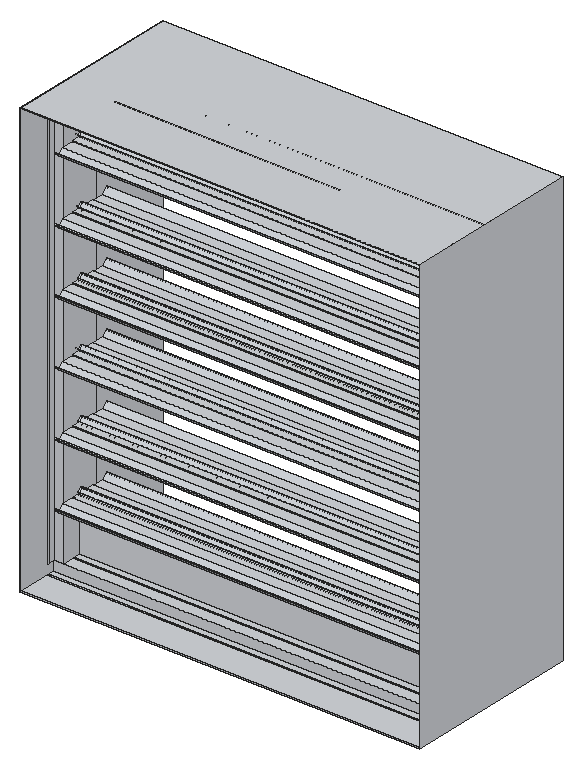
Revit family "FS-3V-I, FS-3V-II", category Mechanical Equipment, Revit 2015
Parameters
  URL = "http://unitedenertech.com/catalog/pdf/B-1%20%20FS-3V-I%20(-3-I)%202014.pdf-color.pdf"
  Type Comments = "Max. Single Section Size is 36\"w x 48\"h, Max. Sizes are (1.5 Hour Vertical 108\"w x 96\"h), (1.5 Hour Horizontal 72\"w x 96\"h), (3 Hour Vertical 72\"w x 48\"h), (3 Hour Horizontal 72\"w x 48\"h)"
  Model = "F/S-3V-I, F/S-3V-II"
  Manufacturer = "United Enertech Corporation"
  Keynote = "FSLF-120 Actuator Shown In the Air Stream, Consult Factory for Out of the Air Stream Placement in Models. See Website for Correct Actuator for Damper Size."
  Exact Width = 3' - 0"
  Exact Height = 3' - 3"
  Description = "Combination Fire/Smoke Damper"
  Depth = 1' - 4"
  Blade Spacing = 0' - 5 3/4"
  Blade Number [instance] = rounddown((Exact Height - 0' 3") / Blade Spacing)  # 6
  BW [instance] = Exact Width - 0' 2 1/2"  # 2' - 9 1/2"
Reference planes (in)
  plane 1 "Center (Front/Back)": y = 0
  plane 2: z = 0
  plane 3 "Center (Left/Right)": x = 0
  plane 4: z = 39
  plane 5: x = -18
  plane 6: x = 18
  plane 7: z = 0.0359
  plane 8: z = 38.9641
  plane 9: x = -17.9641
  plane 10: x = 17.9641
  plane 11: y = 13
  plane 12: y = -3
  plane 13: y = 5
  plane 14: z = 0.9348
  plane 15: z = 38.0293
  plane 16: x = -17.0293
  plane 17: x = 17.0293
  plane 18: z = 35.27732
  plane 19: y = 4.3098
  plane 20: z = 37.5
  plane 21: z = 26.4428
  plane 22: z = 35.24218
  plane 23: z = 34.78895
  plane 24: z = 35.97045
Forms (in)
  Extrusion 1, solid
    sketch origin (0, 0, 0) x (1, 0, 0) y (0, 0, 1)
      loop
        line (-17.9641, 38.9641) -> (-17.9641, 0.0359) -> (17.9641, 0.0359) -> (17.9641, 38.9641) -> (-17.9641, 38.9641)
      loop
        line (-18, 39) -> (-18, 0) -> (18, 0) -> (18, 39) -> (-18, 39)
    from -13 to 3
  Extrusion 2, solid
    sketch origin (23.93472, -8.11588, 0) x (1, 0, 0) y (0, 1, 0)
      loop
        line (-41.83902, 8.11588) -> (-41.83902, 8.17568) -> (-41.83902, 8.80608) -> (-40.96402, 8.80608) -> (-40.96402, 12.42568) -> (-41.83902, 12.42568) -> (-41.83902, 13.05608) -> (-41.83902, 13.11588) -> (-41.89882, 13.11588) -> (-41.89882, 12.36588) -> (-41.02382, 12.36588) -> (-41.02382, 8.86588) -> (-41.89882, 8.86588) -> (-41.89882, 8.11588) -> (-41.83902, 8.11588)
    from 0.9348 to 38.0293
  Extrusion 3, solid
    sketch origin (31.96104, -8.11588, 36.89882) x (0, 0, 1) y (0, 1, 0)
      loop
        line (-36.83902, 8.17568) -> (-36.83902, 8.80608) -> (-35.96402, 8.80608) -> (-35.96402, 12.42568) -> (-36.83902, 12.42568) -> (-36.83902, 13.05608) -> (-36.83902, 13.11588) -> (-36.89882, 13.11588) -> (-36.89882, 12.36588) -> (-36.02382, 12.36588) -> (-36.02382, 8.86588) -> (-36.89882, 8.86588) -> (-36.89882, 8.11588) -> (-36.83902, 8.11588) -> (-36.83902, 8.17568)
    from 13.99694 to 49.92514
  Extrusion 4, solid
    sketch origin (26.89178, -38.52709, 32.33205) x (0, -1, 0) y (0, 0, -1)
      loop
        line (-41.02709, -5.19725) -> (-41.02709, -5.69725) -> (-40.27709, -5.69725) -> (-40.27709, -5.61625) -> (-40.94609, -5.61625) -> (-40.94609, -5.19725) -> (-41.02709, -5.19725)
    from -43.92108 to -9.86248
  Extrusion 5, solid
    sketch origin (62.39247, 5.64851, 0.33329) x (0, 1, 0) y (0, 0, 1)
      loop
        line (-3.14851, 3.60151) -> (-3.22663, 3.60151) -> (-3.22663, 0.67964) -> (-3.89851, 0.67964) -> (-3.89851, 0.60151) -> (-3.14851, 0.60151) -> (-3.14851, 3.60151)
    from -79.42177 to -45.36317
  Extrusion 6, solid
    sketch origin (-23.93472, -8.11588, 0) x (-1, 0, 0) y (0, -1, 0)
      loop
        line (-41.83902, -8.11588) -> (-41.89882, -8.11588) -> (-41.89882, -8.86588) -> (-41.02382, -8.86588) -> (-41.02382, -12.36588) -> (-41.89882, -12.36588) -> (-41.89882, -13.11588) -> (-41.83902, -13.11588) -> (-41.83902, -13.05608) -> (-41.83902, -12.42568) -> (-40.96402, -12.42568) -> (-40.96402, -8.80608) -> (-41.83902, -8.80608) -> (-41.83902, -8.17568) -> (-41.83902, -8.11588)
    from 0.9348 to 38.0293
  Extrusion 7, solid
    sketch origin (31.96104, -8.11588, 11.06528) x (0, 0, -1) y (0, -1, 0)
      loop
        line (-27.83902, -8.17568) -> (-27.83902, -8.11588) -> (-27.89882, -8.11588) -> (-27.89882, -8.86588) -> (-27.02382, -8.86588) -> (-27.02382, -12.36588) -> (-27.89882, -12.36588) -> (-27.89882, -13.11588) -> (-27.83902, -13.11588) -> (-27.83902, -13.05608) -> (-27.83902, -12.42568) -> (-26.96402, -12.42568) -> (-26.96402, -8.80608) -> (-27.83902, -8.80608) -> (-27.83902, -8.17568)
    from 13.99694 to 49.92514
  Extrusion 8, solid
    sketch origin (0, 0, 0) x (0, 1, 0) y (0, 0, 1)
      loop
        line (7.9528, 35.24218) -> (7.6668, 35.24218)
        arc (7.6668, 35.24218) -> (7.8098, 34.71875) -> (7.9528, 35.24218) r 0.28125
    from -17.9641 to 17.9641
Dimensions and locks (in)
  "Exact Height": plane 4 to level
  equal spacing: plane 5, plane 3 "Center (Left/Right)", plane 6
  "Exact Width": plane 5 to plane 6
  locked: plane 7 to level at 0.0359
  locked: plane 4 to plane 8 at 0.0359
  locked: plane 5 to plane 9 at 0.0359
  locked: plane 10 to plane 6 at 0.0359
  locked: plane 1 "Center (Front/Back)" to plane 12 at 3
  "Depth": plane 11 to plane 12
  locked: plane 1 "Center (Front/Back)" to plane 13 at 5
  locked: plane 14 to level at 0.9348
  locked: plane 8 to plane 15 at 0.9348
  locked: plane 16 to plane 9 at 0.9348
  locked: plane 10 to plane 17 at 0.9348
  locked: plane 4 to plane 18 at 3.72268
  locked: plane 13 to plane 19 at 0.6902
  locked: plane 4 to plane 20 at 1.5
  locked: plane 4 to plane 21 at 12.5572
  locked: plane 4 to plane 22 at 3.75782
  locked: plane 4 to plane 23 at 4.21105
  equal spacing: group 2, group 3, group 4, group 5, group 6, group 7  (x2)
  equal spacing: group 7, group 6, group 5, group 4, group 3, group 2
  "Blade Spacing": nested 4 to nested 5
  locked: plane 4 to plane 24 at 3.02955
  aligned and locked: level to plane 2
  aligned and locked: Extrusion 1 sketch curve to plane 4
  aligned and locked: level to Extrusion 1 sketch curve
  aligned and locked: Extrusion 1 sketch curve to plane 5
  aligned and locked: Extrusion 1 sketch curve to plane 6
  aligned and locked: Extrusion 1 sketch curve to plane 8
  aligned and locked: plane 7 to Extrusion 1 sketch curve
  aligned and locked: plane 10 to Extrusion 1 sketch curve
  aligned and locked: plane 9 to Extrusion 1 sketch curve
  aligned and locked: plane 11 to Extrusion 1
  aligned and locked: Extrusion 1 to plane 12
  aligned and locked: Extrusion 2 to plane 9
  aligned and locked: Extrusion 6 to plane 10
  aligned and locked: Extrusion 3 to plane 9
  aligned and locked: Extrusion 3 to plane 10
  aligned and locked: Extrusion 6 to plane 14
  aligned and locked: Extrusion 2 to plane 14
  aligned and locked: plane 8 to Extrusion 7
  aligned and locked: plane 15 to Extrusion 6
  aligned and locked: plane 15 to Extrusion 2
  aligned and locked: Extrusion 7 to plane 9
  aligned and locked: Extrusion 7 to plane 10
  aligned and locked: Extrusion 5 to plane 16
  aligned and locked: plane 17 to Extrusion 5
  aligned and locked: Extrusion 7 to plane 15
  aligned and locked: plane 15 to Extrusion 4
  aligned and locked: Extrusion 4 to plane 16
  aligned and locked: plane 17 to Extrusion 4
  aligned and locked: nested 2 to plane 10
  aligned and locked: plane 9 to nested 3
  aligned and locked: nested 3 to plane 19
  aligned and locked: plane 19 to nested 2
  aligned and locked: Extrusion 8 to plane 10
  aligned and locked: Extrusion 8 to plane 9
  aligned and locked: nested 3 to plane 20
  aligned and locked: plane 20 to nested 2
  aligned and locked: plane 22 to Extrusion 8
  aligned and locked: nested 4 to plane 23
  aligned and locked: nested 4 to plane 3 "Center (Left/Right)"
  aligned and locked: plane 17 to nested 6
  aligned and locked: plane 24 to nested 6
Automatic sketch dimensions
  Extrusion 2 sketch curve to plane 9 = 0' - 0"  (x2)
  plane 1 "Center (Front/Back)" to Extrusion 2 sketch curve = 0' - 0"
  plane 13 to Extrusion 2 sketch curve = 0' - 0"
  plane 9 to Extrusion 2 sketch curve = 0' - 0.0598"  (x2)
  Extrusion 2 sketch curve to Extrusion 2 sketch curve = 0' - 0.8152"
  Extrusion 2 sketch curve to Extrusion 2 sketch curve = 0' - 0.0598"  (x4)
  Extrusion 2 sketch curve to plane 1 "Center (Front/Back)" = 0' - 0.0598"
  Extrusion 2 sketch curve to Extrusion 2 sketch curve = 0' - 0.6304"
  Extrusion 2 sketch curve to Extrusion 2 sketch curve = 0' - 0 3/4"
  Extrusion 3 sketch curve to level = 0' - 0"  (x2)
  Extrusion 3 sketch curve to plane 1 "Center (Front/Back)" = 0' - 0"
  Extrusion 3 sketch curve to plane 13 = 0' - 0"
  Extrusion 3 sketch curve to plane 14 = 0' - 0"
  plane 7 to Extrusion 3 sketch curve = 0' - 0.0239"  (x2)
  Extrusion 3 sketch curve to plane 14 = 0' - 0.0598"
  Extrusion 3 sketch curve to plane 1 "Center (Front/Back)" = 0' - 0.0598"
  Extrusion 3 sketch curve to Extrusion 3 sketch curve = 0' - 0.6304"
  Extrusion 3 sketch curve to Extrusion 3 sketch curve = 0' - 0.0598"  (x2)
  plane 13 to Extrusion 3 sketch curve = 0' - 0 3/4"
  plane 13 to Extrusion 3 sketch curve = 0' - 0.0598"
  Extrusion 4 sketch curve to plane 8 = 0' - 1.4348"
  plane 12 to Extrusion 4 sketch curve = 0' - 5 1/2"
  Extrusion 4 sketch curve to Extrusion 4 sketch curve = 0' - 0.081"  (x2)
  Extrusion 4 sketch curve to Extrusion 4 sketch curve = 0' - 0.669"
  Extrusion 4 sketch curve to Extrusion 4 sketch curve = 0' - 0.419"
  Extrusion 5 sketch curve to plane 14 = 0' - 0"
  plane 14 to Extrusion 5 sketch curve = 0' - 0 5/64"
  plane 12 to Extrusion 5 sketch curve = 0' - 4 3/4"
  Extrusion 5 sketch curve to Extrusion 5 sketch curve = 0' - 0 43/64"
  Extrusion 5 sketch curve to Extrusion 5 sketch curve = 0' - 0 5/64"
  Extrusion 5 sketch curve to Extrusion 5 sketch curve = 0' - 2 59/64"
  Extrusion 6 sketch curve to plane 10 = 0' - 0"  (x2)
  plane 1 "Center (Front/Back)" to Extrusion 6 sketch curve = 0' - 0"
  plane 13 to Extrusion 6 sketch curve = 0' - 0"
  Extrusion 6 sketch curve to plane 10 = 0' - 0.0598"  (x2)
  Extrusion 6 sketch curve to Extrusion 6 sketch curve = 0' - 0.8152"
  Extrusion 6 sketch curve to Extrusion 6 sketch curve = 0' - 0.0598"  (x3)
  plane 1 "Center (Front/Back)" to Extrusion 6 sketch curve = 0' - 0.0598"
  Extrusion 6 sketch curve to Extrusion 6 sketch curve = 0' - 0.6304"
  Extrusion 6 sketch curve to plane 13 = 0' - 0 3/4"
  Extrusion 6 sketch curve to plane 13 = 0' - 0.0598"
  Extrusion 7 sketch curve to plane 1 "Center (Front/Back)" = 0' - 0"
  Extrusion 7 sketch curve to plane 13 = 0' - 0"
  plane 13 to Extrusion 7 sketch curve = 0' - 0 3/4"
  Extrusion 7 sketch curve to plane 8 = 0' - 0"
  Extrusion 7 sketch curve to Extrusion 7 sketch curve = 0' - 0"
  Extrusion 7 sketch curve to Extrusion 7 sketch curve = 0' - 0.0598"  (x6)
  Extrusion 7 sketch curve to Extrusion 7 sketch curve = 0' - 0.8152"
  Extrusion 7 sketch curve to plane 1 "Center (Front/Back)" = 0' - 0 3/4"
  Extrusion 7 sketch curve to plane 1 "Center (Front/Back)" = 0' - 0.0598"
  Extrusion 8 sketch curve to plane 18 = 0' - 0.27732"
  Extrusion 8 sketch curve to plane 13 = 0' - 2.8098"
  Extrusion 8 sketch curve to plane 18 = 0' - 0 9/256"
  Extrusion 8 sketch curve to Extrusion 8 sketch curve = 0' - 0.143"
Nested families (in)
  nested 1: "160BL" at (62.39247, -25.11688, 30.67097), type "160BL", not visible
    with Blade Width 2' - 9 1/2"
  nested 2: "Fire Smoke Actuator Bracket" at (18.23913, 4.3098, 36.56141) x (0, 0, 1) z (0, 1, 0), type "Fire Smoke Actuator Bracket"
  nested 3: "Fire Smoke Actuator Bracket" at (-18.23913, 4.3098, 36.56141) x (0, 0, 1) z (0, 1, 0), type "Fire Smoke Actuator Bracket"
  nested 4: "3VBLADE" at (0, -1.33126, 33.20661), type "3VBLADE"
    with Blade Width 2' - 9 1/2"
  nested 5: "3VBLADE" at (0, -1.33126, 27.45661), type "3VBLADE"
    with Blade Width 2' - 9 1/2"
  nested 6: "FSLF-120" at (14.8204, 12.99816, 27.76305), type "FSLF-120"
  nested 7: "3VBLADE" at (0, -1.33126, 21.70661), type "3VBLADE"
    with Blade Width 2' - 9 1/2"
  nested 8: "3VBLADE" at (0, -1.33126, 15.95661), type "3VBLADE"
    with Blade Width 2' - 9 1/2"
  nested 9: "3VBLADE" at (0, -1.33126, 10.20661), type "3VBLADE"
    with Blade Width 2' - 9 1/2"
  nested 10: "3VBLADE" at (0, -1.33126, 4.45661), type "3VBLADE"
    with Blade Width 2' - 9 1/2"
Definition of nested family "160BL"
  Parameters (values of type "160BL")
    Blade Width = 2' - 0"
  Reference planes (in)
    plane 1 "Center (Front/Back)": y = 0
    plane 2: z = 0
    plane 3 "Center (Left/Right)": x = 0
    plane 4: x = -12
    plane 5: x = 12
    plane 6: x = 13
    plane 7: x = 10
    plane 8: x = -10
    plane 9: x = -13
  Forms (in)
    Extrusion 1, solid
      sketch origin (-29.66395, -41.88595, -4.51752) x (0, -1, 0) y (0, 0, -1)
        loop
          line (-42.3214, -5.69562) -> (-42.3214, -6.04405) -> (-41.94647, -6.04405) -> (-41.94647, -5.69562) -> (-42.3214, -5.69562)
      from 39.66395 to 42.66395
    Extrusion 2, solid
      sketch origin (-29.66395, -42.01854, -6.8342) x (0, -1, 0) y (0, 0, -1)
        loop
          line (-43.46599, -7.97904) -> (-43.51899, -7.97904) -> (-43.51899, -8.39235) -> (-42.90411, -8.41377) -> (-42.50696, -8.41377) -> (-42.50696, -8.36074) -> (-42.90411, -8.36074) -> (-43.46599, -8.34116) -> (-43.46599, -7.97904)
      from 17.66395 to 41.66395
    Extrusion 3, solid
      sketch origin (-29.66395, -42.01854, -6.8342) x (0, -1, 0) y (0, 0, -1)
        loop
          line (-43.41296, -8.32667) -> (-43.41296, -8.03022) -> (-42.89933, -8.01224) -> (-42.50696, -8.01224) -> (-42.50696, -8.41377) -> (-42.02598, -8.41377) -> (-42.02598, -8.0123) -> (-41.62883, -8.0123) -> (-41.11996, -8.03003) -> (-41.11996, -8.32648) -> (-41.06699, -8.32648) -> (-41.06699, -7.97904) -> (-41.63442, -7.95927) -> (-42.07906, -7.95927) -> (-42.07906, -8.36074) -> (-42.45398, -8.36074) -> (-42.45398, -7.95927) -> (-42.90119, -7.95927) -> (-43.46596, -7.97904) -> (-43.46596, -8.32667) -> (-43.41296, -8.32667)
      from 17.66395 to 41.66395
    Extrusion 4, solid
      sketch origin (-29.66395, -42.01854, -6.8342) x (0, -1, 0) y (0, 0, -1)
        loop
          line (-42.45398, -7.95927) -> (-42.45398, -8.01224) -> (-42.07906, -8.01224) -> (-42.07906, -7.95927) -> (-42.45398, -7.95927)
      from 17.66395 to 41.66395
    Extrusion 5, solid
      sketch origin (-29.66395, -42.01854, -6.8342) x (0, -1, 0) y (0, 0, -1)
        loop
          line (-41.06705, -7.97904) -> (-41.06705, -8.34116) -> (-41.62893, -8.36074) -> (-42.02598, -8.36074) -> (-42.02598, -8.41377) -> (-41.62893, -8.41377) -> (-41.01405, -8.39235) -> (-41.01405, -7.97904) -> (-41.06705, -7.97904)
      from 17.66395 to 41.66395
    Extrusion 6, solid
      sketch origin (-29.66395, -42.01854, -6.8342) x (0, -1, 0) y (0, 0, -1)
        loop
          line (-45.11444, -8.04212) -> (-45.14143, -8.06102) -> (-45.14143, -8.15472) -> (-43.65311, -8.44766) -> (-43.61881, -8.3631) -> (-43.58593, -8.44056) -> (-40.94517, -8.44056) -> (-40.91325, -8.36156) -> (-40.87962, -8.44109) -> (-40.06454, -8.37558) -> (-40.01199, -8.16476) -> (-39.44168, -8.27557) -> (-39.41851, -8.2524) -> (-40.03184, -8.13323) -> (-40.08641, -8.35172) -> (-40.86, -8.41376) -> (-40.88095, -8.33556) -> (-40.94478, -8.33556) -> (-40.96652, -8.41377) -> (-43.56615, -8.41377) -> (-43.58705, -8.33578) -> (-43.65168, -8.33578) -> (-43.67323, -8.41619) -> (-45.11444, -8.13252) -> (-45.11444, -8.04212)
      from 17.66395 to 41.66395
    Extrusion 7, solid
      sketch origin (-29.66395, 42.51351, 9.53877) x (0, 1, 0) y (0, 0, 1)
        loop
          line (-45.11444, -8.04212) -> (-45.14143, -8.06102) -> (-45.14143, -8.15472) -> (-43.65311, -8.44766) -> (-43.61881, -8.3631) -> (-43.58593, -8.44056) -> (-40.94517, -8.44056) -> (-40.91325, -8.36156) -> (-40.87962, -8.44109) -> (-40.06454, -8.37558) -> (-40.01199, -8.16476) -> (-39.44168, -8.27557) -> (-39.41851, -8.2524) -> (-40.03184, -8.13323) -> (-40.08641, -8.35172) -> (-40.86, -8.41376) -> (-40.88095, -8.33556) -> (-40.94478, -8.33556) -> (-40.96652, -8.41377) -> (-43.56615, -8.41377) -> (-43.58705, -8.33578) -> (-43.65168, -8.33578) -> (-43.67323, -8.41619) -> (-45.11444, -8.13252) -> (-45.11444, -8.04212)
      from 17.66395 to 41.66395
    Extrusion 8, solid
      sketch origin (-63.16395, -41.88595, -4.51752) x (0, -1, 0) y (0, 0, -1)
        loop
          line (-42.3214, -5.69562) -> (-42.3214, -6.04405) -> (-41.94647, -6.04405) -> (-41.94647, -5.69562) -> (-42.3214, -5.69562)
      from 50.16395 to 53.16395
  Dimensions and locks (in)
    equal spacing: plane 4, plane 3 "Center (Left/Right)", plane 5
    "Blade Width": plane 4 to plane 5
    locked: plane 7 to plane 5 at 2
    locked: plane 5 to plane 6 at 1
    locked: plane 4 to plane 8 at 2
    locked: plane 9 to plane 4 at 1
    aligned and locked: level to plane 2
    aligned and locked: plane 5 to Extrusion 6
    aligned and locked: plane 5 to Extrusion 7
    aligned and locked: plane 5 to Extrusion 5
    aligned and locked: plane 5 to Extrusion 3
    aligned and locked: plane 5 to Extrusion 2
    aligned and locked: Extrusion 1 to plane 6
    aligned and locked: plane 5 to Extrusion 4
    aligned and locked: plane 7 to Extrusion 1
    aligned and locked: Extrusion 8 to plane 9
    aligned and locked: Extrusion 8 to plane 8
    aligned and locked: plane 4 to Extrusion 6
    aligned and locked: plane 4 to Extrusion 7
    aligned and locked: plane 4 to Extrusion 2
    aligned and locked: plane 4 to Extrusion 3
    aligned and locked: plane 4 to Extrusion 5
    aligned and locked: plane 4 to Extrusion 4
  Automatic sketch dimensions
    Extrusion 1 sketch curve to plane 1 "Center (Front/Back)" = 0' - 0.43545"
    Extrusion 1 sketch curve to plane 1 "Center (Front/Back)" = 0' - 0.06052"
    level to Extrusion 1 sketch curve = 0' - 1.52654"
    Extrusion 1 sketch curve to Extrusion 1 sketch curve = 0' - 0.34843"
    Extrusion 2 sketch curve to plane 1 "Center (Front/Back)" = 0' - 1.50045"
    Extrusion 2 sketch curve to Extrusion 2 sketch curve = 0' - 0.053"
    Extrusion 2 sketch curve to Extrusion 2 sketch curve = 0' - 0.56188"
    Extrusion 2 sketch curve to Extrusion 2 sketch curve = 0' - 0"
    Extrusion 2 sketch curve to Extrusion 2 sketch curve = 0' - 0.39715"
    level to Extrusion 2 sketch curve = 0' - 1.57957"
    Extrusion 2 sketch curve to Extrusion 2 sketch curve = 0' - 0.02142"
    Extrusion 2 sketch curve to Extrusion 2 sketch curve = 0' - 0.05303"
    Extrusion 2 sketch curve to Extrusion 2 sketch curve = 0' - 0.05119"
    Extrusion 2 sketch curve to Extrusion 2 sketch curve = 0' - 0.36212"
    Extrusion 3 sketch curve to plane 1 "Center (Front/Back)" = 0' - 1.44742"
    Extrusion 3 sketch curve to Extrusion 3 sketch curve = 0' - 0.053"
    Extrusion 3 sketch curve to Extrusion 3 sketch curve = 0' - 0.51177"
    Extrusion 3 sketch curve to Extrusion 3 sketch curve = 0' - 0.00185"
    Extrusion 3 sketch curve to plane 1 "Center (Front/Back)" = 0' - 0.48842"
    Extrusion 3 sketch curve to Extrusion 3 sketch curve = 0' - 0.05297"  (x3)
    Extrusion 3 sketch curve to plane 1 "Center (Front/Back)" = 0' - 0.06052"
    Extrusion 3 sketch curve to plane 1 "Center (Front/Back)" = 0' - 0.00745"
    plane 1 "Center (Front/Back)" to Extrusion 3 sketch curve = 0' - 0.38411"
    Extrusion 3 sketch curve to Extrusion 3 sketch curve = 0' - 0.00559"
    Extrusion 3 sketch curve to Extrusion 3 sketch curve = 0' - 0.50887"
    level to Extrusion 3 sketch curve = 0' - 1.57957"
    Extrusion 3 sketch curve to Extrusion 3 sketch curve = 0' - 0.05303"  (x2)
    Extrusion 3 sketch curve to Extrusion 3 sketch curve = 0' - 0.0871"
    Extrusion 3 sketch curve to Extrusion 3 sketch curve = 0' - 0.08729"
    Extrusion 3 sketch curve to Extrusion 3 sketch curve = 0' - 0.29645"  (x2)
    Extrusion 3 sketch curve to Extrusion 3 sketch curve = 0' - 0.34843"
    Extrusion 3 sketch curve to Extrusion 3 sketch curve = 0' - 0.01798"
    Extrusion 3 sketch curve to Extrusion 3 sketch curve = 0' - 0.05099"
    Extrusion 3 sketch curve to Extrusion 3 sketch curve = 0' - 0.05118"
    Extrusion 4 sketch curve to plane 1 "Center (Front/Back)" = 0' - 0.43545"
    Extrusion 4 sketch curve to plane 1 "Center (Front/Back)" = 0' - 0.06052"
    level to Extrusion 4 sketch curve = 0' - 1.17804"
    Extrusion 4 sketch curve to Extrusion 4 sketch curve = 0' - 0.05297"
    Extrusion 5 sketch curve to plane 1 "Center (Front/Back)" = 0' - 0.00745"
    plane 1 "Center (Front/Back)" to Extrusion 5 sketch curve = 0' - 0.3896"
    Extrusion 5 sketch curve to Extrusion 5 sketch curve = 0' - 0"
    Extrusion 5 sketch curve to Extrusion 5 sketch curve = 0' - 0.56188"
    Extrusion 5 sketch curve to Extrusion 5 sketch curve = 0' - 0.053"
    level to Extrusion 5 sketch curve = 0' - 1.57957"
    Extrusion 5 sketch curve to Extrusion 5 sketch curve = 0' - 0.02142"
    Extrusion 5 sketch curve to Extrusion 5 sketch curve = 0' - 0.05303"
    Extrusion 5 sketch curve to Extrusion 5 sketch curve = 0' - 0.05119"
    Extrusion 5 sketch curve to Extrusion 5 sketch curve = 0' - 0.36212"
    level to Extrusion 6 sketch curve = 0' - 1.32052"
    Extrusion 6 sketch curve to plane 1 "Center (Front/Back)" = 0' - 3.12289"
    level to Extrusion 6 sketch curve = 0' - 1.20792"
    Extrusion 6 sketch curve to Extrusion 6 sketch curve = 0' - 0.02699"
    Extrusion 6 sketch curve to Extrusion 6 sketch curve = 0' - 1.44121"
    Extrusion 6 sketch curve to Extrusion 6 sketch curve = 0' - 0.02012"
    Extrusion 6 sketch curve to Extrusion 6 sketch curve = 0' - 0.02155"
    Extrusion 6 sketch curve to Extrusion 6 sketch curve = 0' - 0.03287"
    Extrusion 6 sketch curve to Extrusion 6 sketch curve = 0' - 0.03176"
    Extrusion 6 sketch curve to Extrusion 6 sketch curve = 0' - 0.06717"
    Extrusion 6 sketch curve to Extrusion 6 sketch curve = 0' - 0.01978"
    plane 1 "Center (Front/Back)" to Extrusion 6 sketch curve = 0' - 1.05202"
    Extrusion 6 sketch curve to Extrusion 6 sketch curve = 0' - 0.02136"
    Extrusion 6 sketch curve to Extrusion 6 sketch curve = 0' - 0.02174"
    Extrusion 6 sketch curve to Extrusion 6 sketch curve = 0' - 0.03153"  (x2)
    Extrusion 6 sketch curve to Extrusion 6 sketch curve = 0' - 0.0323"
    Extrusion 6 sketch curve to Extrusion 6 sketch curve = 0' - 0.06554"
    Extrusion 6 sketch curve to Extrusion 6 sketch curve = 0' - 0.01963"
    Extrusion 6 sketch curve to Extrusion 6 sketch curve = 0' - 0.77359"
    Extrusion 6 sketch curve to Extrusion 6 sketch curve = 0' - 0.02187"
    Extrusion 6 sketch curve to Extrusion 6 sketch curve = 0' - 0.05457"
    Extrusion 6 sketch curve to Extrusion 6 sketch curve = 0' - 0.01985"
    Extrusion 6 sketch curve to Extrusion 6 sketch curve = 0' - 0 73/128"
    Extrusion 6 sketch curve to Extrusion 6 sketch curve = 0' - 0.02317"  (x2)
    level to Extrusion 6 sketch curve = 0' - 1.33056"
    Extrusion 6 sketch curve to Extrusion 6 sketch curve = 0' - 0.08764"
    Extrusion 6 sketch curve to Extrusion 6 sketch curve = 0' - 0.1708"
    level to Extrusion 6 sketch curve = 0' - 1.50158"
    Extrusion 6 sketch curve to Extrusion 6 sketch curve = 0' - 0.18696"
    Extrusion 6 sketch curve to Extrusion 6 sketch curve = 0' - 0.02601"
    Extrusion 6 sketch curve to Extrusion 6 sketch curve = 0' - 0 7/256"  (x2)
    Extrusion 6 sketch curve to Extrusion 6 sketch curve = 0' - 0.02386"
    Extrusion 6 sketch curve to Extrusion 6 sketch curve = 0' - 0.05219"
    Extrusion 6 sketch curve to Extrusion 6 sketch curve = 0' - 0.05067"
    Extrusion 6 sketch curve to Extrusion 6 sketch curve = 0' - 0.05309"
    Extrusion 6 sketch curve to Extrusion 6 sketch curve = 0' - 0.02679"
    Extrusion 6 sketch curve to Extrusion 6 sketch curve = 0' - 0.03147"
    Extrusion 6 sketch curve to Extrusion 6 sketch curve = 0' - 0.0222"
    Extrusion 6 sketch curve to Extrusion 6 sketch curve = 0' - 0.0189"
    plane 1 "Center (Front/Back)" to Extrusion 7 sketch curve = 0' - 2.62792"
    Extrusion 7 sketch curve to Extrusion 7 sketch curve = 0' - 0.02699"
    plane 1 "Center (Front/Back)" to Extrusion 7 sketch curve = 0' - 1.15972"
    Extrusion 7 sketch curve to Extrusion 7 sketch curve = 0' - 0.02012"
    Extrusion 7 sketch curve to Extrusion 7 sketch curve = 0' - 0.02155"
    Extrusion 7 sketch curve to Extrusion 7 sketch curve = 0' - 0.03287"
    Extrusion 7 sketch curve to Extrusion 7 sketch curve = 0' - 0.03176"
    Extrusion 7 sketch curve to Extrusion 7 sketch curve = 0' - 0.06717"
    Extrusion 7 sketch curve to Extrusion 7 sketch curve = 0' - 0.01978"
    Extrusion 7 sketch curve to plane 1 "Center (Front/Back)" = 0' - 1.54699"
    Extrusion 7 sketch curve to Extrusion 7 sketch curve = 0' - 0.02136"
    Extrusion 7 sketch curve to Extrusion 7 sketch curve = 0' - 0.02174"
    Extrusion 7 sketch curve to Extrusion 7 sketch curve = 0' - 0.03153"  (x2)
    Extrusion 7 sketch curve to Extrusion 7 sketch curve = 0' - 0.0323"
    Extrusion 7 sketch curve to Extrusion 7 sketch curve = 0' - 0.06554"
    Extrusion 7 sketch curve to Extrusion 7 sketch curve = 0' - 0.01963"
    level to Extrusion 7 sketch curve = 0' - 1.18705"
    Extrusion 7 sketch curve to Extrusion 7 sketch curve = 0' - 0.77359"
    level to Extrusion 7 sketch curve = 0' - 1.16319"
    Extrusion 7 sketch curve to Extrusion 7 sketch curve = 0' - 0.02187"
    Extrusion 7 sketch curve to Extrusion 7 sketch curve = 0' - 0.05457"
    Extrusion 7 sketch curve to Extrusion 7 sketch curve = 0' - 0.01985"
    level to Extrusion 7 sketch curve = 0' - 1.2632"
    Extrusion 7 sketch curve to Extrusion 7 sketch curve = 0' - 0 73/128"
    level to Extrusion 7 sketch curve = 0' - 1.28637"
    Extrusion 7 sketch curve to Extrusion 7 sketch curve = 0' - 0.02317"
    Extrusion 7 sketch curve to Extrusion 7 sketch curve = 0' - 0.06204"
    level to Extrusion 7 sketch curve = 0' - 1 1/8"
    Extrusion 7 sketch curve to Extrusion 7 sketch curve = 0' - 0.00242"
    Extrusion 7 sketch curve to Extrusion 7 sketch curve = 0' - 0.02679"
    Extrusion 7 sketch curve to Extrusion 7 sketch curve = 0' - 0 7/256"  (x2)
    Extrusion 7 sketch curve to Extrusion 7 sketch curve = 0' - 0.03147"
    Extrusion 7 sketch curve to Extrusion 7 sketch curve = 0' - 0.05067"
    Extrusion 7 sketch curve to Extrusion 7 sketch curve = 0' - 0.05219"
    Extrusion 7 sketch curve to Extrusion 7 sketch curve = 0' - 0.02601"
    Extrusion 7 sketch curve to Extrusion 7 sketch curve = 0' - 0.18696"
    level to Extrusion 7 sketch curve = 0' - 1.38405"
    Extrusion 7 sketch curve to Extrusion 7 sketch curve = 0' - 0.0222"
    Extrusion 7 sketch curve to Extrusion 7 sketch curve = 0' - 0.07151"
    Extrusion 7 sketch curve to Extrusion 7 sketch curve = 0' - 0.0189"
    Extrusion 8 sketch curve to plane 1 "Center (Front/Back)" = 0' - 0.43545"
    Extrusion 8 sketch curve to plane 1 "Center (Front/Back)" = 0' - 0.06052"
    level to Extrusion 8 sketch curve = 0' - 1.52654"
    Extrusion 8 sketch curve to Extrusion 8 sketch curve = 0' - 0.34843"
Definition of nested family "Fire Smoke Actuator Bracket"
  Reference planes (in)
    plane 1 "Center (Front/Back)": y = 0
    plane 2: z = 0
    plane 3 "Center (Left/Right)": x = 0
  Forms (in)
    Extrusion 1, solid
      sketch origin (54.09185, -14.49387, 0) x (1, 0, 0) y (0, 1, 0)
        loop
          line (-53.15326, 14.21883) -> (-53.90326, 14.21883) -> (-53.90326, 14.00399) -> (-57.40326, 14.00399) -> (-57.40326, 14.21883) -> (-58.15326, 14.21883) -> (-58.15326, 14.18293) -> (-57.43842, 14.18293) -> (-57.43842, 13.96883) -> (-53.8681, 13.96883) -> (-53.8681, 14.18293) -> (-53.15326, 14.18293) -> (-53.15326, 14.21883)
      from 0 to 5
    Extrusion 2, void
      sketch origin (0, 0, 0) x (1, 0, 0) y (0, 0, 1)
        loop
          circle (-1.56141, 3.5) r 0.28125
      from 0 to 1.04299
  Cuts and joins
    Extrusion 2 cuts Extrusion 1
  Dimensions and locks (in)
    aligned and locked: level to plane 2
Definition of nested family "3VBLADE"
  Parameters (values of type "3VBLADE")
    Blade Width = 2' - 0"
  Reference planes (in)
    plane 1 "Center (Front/Back)": y = 0
    plane 2: z = 0
    plane 3 "Center (Left/Right)": x = 0
    plane 4: x = -12
    plane 5: x = 12
    plane 6: x = -12.5
    plane 7: x = 12.5
  Forms (in)
    Extrusion 1, solid
      sketch origin (0, 0, 0) x (0, 1, 0) y (0, 0, 1)
        loop
          line (-0.70195, 1.51199) -> (-0.74444, 1.55448) -> (-1.14666, 1.15225) -> (-1.57675, 1.58234) -> (-3.40117, 1.58234) -> (-3.83126, 1.15225) -> (-4.26135, 1.58234) -> (-6.06088, 1.58234) -> (-6.51586, 2.03732) -> (-6.96057, 1.59261) -> (-6.91809, 1.55012) -> (-6.51586, 1.95235) -> (-6.08577, 1.52226) -> (-4.28624, 1.52226) -> (-3.83126, 1.06728) -> (-3.37629, 1.52226) -> (-1.60164, 1.52226) -> (-1.14666, 1.06728) -> (-0.70195, 1.51199)
      from -12 to 12
    Extrusion 2, solid
      sketch origin (0, 0, 0) x (0, 1, 0) y (0, 0, 1)
        loop
          line (-3.56573, 1.61238) -> (-3.83126, 1.87791) -> (-4.09679, 1.61238) -> (-3.83126, 1.34685) -> (-3.56573, 1.61238)
      from -12.5 to 12.5
    Extrusion 3, solid
      sketch origin (0, 0, 0) x (0, 1, 0) y (0, 0, 1)
        loop
          line (-2.71072, 1.58234) -> (-2.71072, 1.64242) -> (-3.53569, 1.64242) -> (-3.83126, 1.34685) -> (-4.12683, 1.64242) -> (-4.95181, 1.64242) -> (-4.95181, 1.58234) -> (-4.15172, 1.58234) -> (-3.83126, 1.26188) -> (-3.5108, 1.58234) -> (-2.71072, 1.58234)
      from -12 to 12
    Extrusion 4, solid
      sketch origin (0, 0, 0) x (0, 1, 0) y (0, 0, 1)
        loop
          line (-3.56573, 1.61238) -> (-3.51056, 1.64218) -> (-3.83126, 1.96288) -> (-4.15196, 1.64218) -> (-4.09679, 1.61238) -> (-3.83126, 1.87791) -> (-3.56573, 1.61238)
      from -12 to 12
  Dimensions and locks (in)
    equal spacing: plane 4, plane 3 "Center (Left/Right)", plane 5
    "Blade Width": plane 4 to plane 5
    locked: plane 5 to plane 7 at 0.5
    locked: plane 6 to plane 4 at 0.5
    aligned and locked: level to plane 2
    aligned and locked: plane 4 to Extrusion 1
    aligned and locked: plane 5 to Extrusion 1
    aligned and locked: plane 5 to Extrusion 3
    aligned and locked: plane 4 to Extrusion 3
    aligned and locked: plane 5 to Extrusion 4
    aligned and locked: Extrusion 2 to plane 7
    aligned and locked: plane 4 to Extrusion 4
    aligned and locked: plane 6 to Extrusion 2
  Automatic sketch dimensions
    plane 1 "Center (Front/Back)" to Extrusion 1 sketch curve = 0' - 0.70195"
    level to Extrusion 1 sketch curve = 0' - 1.51199"
    Extrusion 1 sketch curve to Extrusion 1 sketch curve = 0' - 0.04248"
    Extrusion 1 sketch curve to Extrusion 1 sketch curve = 0' - 0.44471"  (x2)
    Extrusion 1 sketch curve to Extrusion 1 sketch curve = 0' - 0"  (x2)
    level to Extrusion 1 sketch curve = 0' - 1.52226"  (x2)
    Extrusion 1 sketch curve to Extrusion 1 sketch curve = 0' - 0.02489"  (x2)
    Extrusion 1 sketch curve to Extrusion 1 sketch curve = 0' - 1.77464"
    level to Extrusion 1 sketch curve = 0' - 1.15225"
    Extrusion 1 sketch curve to Extrusion 1 sketch curve = 0' - 0.45498"
    level to Extrusion 1 sketch curve = 0' - 1.06728"
    Extrusion 1 sketch curve to Extrusion 1 sketch curve = 0' - 1.79953"
    level to Extrusion 1 sketch curve = 0' - 1.95235"
    Extrusion 1 sketch curve to Extrusion 1 sketch curve = 0' - 0.43009"
    level to Extrusion 1 sketch curve = 0' - 1.55012"
    level to Extrusion 1 sketch curve = 0' - 1.59261"
    level to Extrusion 1 sketch curve = 0' - 2.03732"
    level to Extrusion 1 sketch curve = 0' - 1.58234"
    plane 1 "Center (Front/Back)" to Extrusion 2 sketch curve = 0' - 4.09679"
    Extrusion 2 sketch curve to Extrusion 2 sketch curve = 0' - 0.26553"  (x3)
    level to Extrusion 2 sketch curve = 0' - 1.34685"
    plane 1 "Center (Front/Back)" to Extrusion 3 sketch curve = 0' - 2.71072"
    level to Extrusion 3 sketch curve = 0' - 1.64242"  (x2)
    Extrusion 3 sketch curve to Extrusion 3 sketch curve = 0' - 0.82497"  (x2)
    Extrusion 3 sketch curve to Extrusion 3 sketch curve = 0' - 0.06008"
    Extrusion 3 sketch curve to Extrusion 3 sketch curve = 0' - 0.02489"  (x2)
    level to Extrusion 3 sketch curve = 0' - 1.26188"
    Extrusion 3 sketch curve to Extrusion 3 sketch curve = 0' - 0.32046"
    level to Extrusion 3 sketch curve = 0' - 1.34685"
    Extrusion 3 sketch curve to Extrusion 3 sketch curve = 0' - 0"
    plane 1 "Center (Front/Back)" to Extrusion 4 sketch curve = 0' - 3.83126"
    level to Extrusion 4 sketch curve = 0' - 1.87791"
    Extrusion 4 sketch curve to Extrusion 4 sketch curve = 0' - 0"
    level to Extrusion 4 sketch curve = 0' - 1.61238"  (x2)
    Extrusion 4 sketch curve to Extrusion 4 sketch curve = 0' - 0.26553"
    Extrusion 4 sketch curve to Extrusion 4 sketch curve = 0' - 0.05517"  (x2)
    Extrusion 4 sketch curve to Extrusion 4 sketch curve = 0' - 0.08497"
    level to Extrusion 4 sketch curve = 0' - 1.64218"
Definition of nested family "FSLF-120"
  Reference planes (in)
    plane 1 "Center (Front/Back)": y = 0
    plane 2: z = 0
    plane 3 "Center (Left/Right)": x = 0
  Forms (in)
    Extrusion 1, solid
      sketch origin (0, 0, 0) x (0, 1, 0) y (0, 0, 1)
        loop
          arc (-3.58331, 2.09938) -> (-3.44059, 2.1585) -> (-3.38147, 2.30122) r 0.20184
          line (-3.38147, 2.30122) -> (-3.38147, 7.89928)
          arc (-3.38147, 7.89928) -> (-3.44059, 8.042) -> (-3.58331, 8.10111) r 0.20184
          line (-3.58331, 8.10111) -> (-6.82752, 8.10111)
          arc (-6.82752, 8.10111) -> (-6.97024, 8.042) -> (-7.02936, 7.89928) r 0.20184
          line (-7.02936, 7.89928) -> (-7.02936, 2.30122)
          arc (-7.02936, 2.30122) -> (-6.97024, 2.1585) -> (-6.82752, 2.09938) r 0.20184
          line (-6.82752, 2.09938) -> (-3.58331, 2.09938)
        loop
          circle (-4.59401, 4.1698) r 0.10344
        loop
          circle (-5.18836, 7.24712) r 0.27109
      from 0 to 2.0647
    Extrusion 2, solid
      sketch origin (0, 0, 0) x (0, 1, 0) y (0, 0, 1)
        loop
          line (-5.07889, 1.84303) -> (-5.07889, 1.35428)
          arc (-5.07889, 1.35428) -> (-4.1161, 1.55637) -> (-3.27519, 2.06694) r 2.91799
          line (-3.27519, 2.06694) -> (-3.27519, 7.89928)
          arc (-3.27519, 7.89928) -> (-3.36543, 8.11715) -> (-3.58331, 8.2074) r 0.30812
          line (-3.58331, 8.2074) -> (-6.82752, 8.2074)
          arc (-6.82752, 8.2074) -> (-7.0454, 8.11715) -> (-7.13564, 7.89928) r 0.30812
          line (-7.13564, 7.89928) -> (-7.13564, 2.09702)
          arc (-7.13564, 2.09702) -> (-6.28174, 1.56481) -> (-5.29782, 1.35428) r 2.91799
          line (-5.29782, 1.35428) -> (-5.29782, 1.84303)
          arc (-5.29782, 1.84303) -> (-5.18836, 1.95249) -> (-5.07889, 1.84303) r 0.10947
        loop
          circle (-4.59401, 4.1698) r 0.28363
        loop
          circle (-5.18836, 7.24712) r 0.27109
      from 0 to -0.1442
    Extrusion 3, solid
      sketch origin (0, 0, 0) x (0, 1, 0) y (0, 0, 1)
        loop
          line (-5.07889, 1.84303) -> (-5.07889, 1.35428)
          arc (-5.07889, 1.35428) -> (-4.1161, 1.55637) -> (-3.27519, 2.06694) r 2.91799
          line (-3.27519, 2.06694) -> (-3.27519, 7.89928)
          arc (-3.27519, 7.89928) -> (-3.36543, 8.11715) -> (-3.58331, 8.2074) r 0.30812
          line (-3.58331, 8.2074) -> (-6.82752, 8.2074)
          arc (-6.82752, 8.2074) -> (-7.0454, 8.11715) -> (-7.13564, 7.89928) r 0.30812
          line (-7.13564, 7.89928) -> (-7.13564, 2.09702)
          arc (-7.13564, 2.09702) -> (-6.28174, 1.56481) -> (-5.29782, 1.35428) r 2.91799
          line (-5.29782, 1.35428) -> (-5.29782, 1.84303)
          arc (-5.29782, 1.84303) -> (-5.18836, 1.95249) -> (-5.07889, 1.84303) r 0.10947
        loop
          circle (-4.59401, 4.1698) r 0.28363
        loop
          circle (-5.18836, 7.24712) r 0.27109
      from 2.2089 to 2.0647
    Revolve 4, solid
      sketch origin (0.70002, 0, 0) x (0, 1, 0) y (0, 0, 1)
        loop
          line (-4.0031, 0.95098) -> (-3.92703, 0.95098) -> (-3.92703, 1.1774) -> (-3.48966, 1.1774) -> (-3.48966, 2.15927) -> (-4.0031, 2.15927) -> (-4.0031, 0.95098)
        axis (-4.0031, 0.95098) -> (-4.0031, 2.15927)
      angle from 0 to 360
    Revolve 5, solid
      sketch origin (0.70002, -10.37672, 0) x (0, -1, 0) y (0, 0, -1)
        loop
          line (-4.0031, -0.95098) -> (-4.0031, -2.15927) -> (-3.48966, -2.15927) -> (-3.48966, -1.1774) -> (-3.92703, -1.1774) -> (-3.92703, -0.95098) -> (-4.0031, -0.95098)
        axis (-4.0031, -0.95098) -> (-4.0031, -2.15927)
      angle from 0 to 360
    Extrusion 6, solid
      sketch origin (0, 0, 0) x (0, 1, 0) y (0, 0, 1)
        loop
          circle (-5.18836, 7.24712) r 0.54048
        loop
          circle (-5.18836, 7.24712) r 0.27109
      from 2.4389 to -0.3742
    Extrusion 7, solid
      sketch origin (0, 0, 0) x (0, 1, 0) y (0, 0, 1)
        loop
          line (-3.91306, 6.71864) -> (-3.7518, 6.90501) -> (-4.82025, 7.82944)
          arc (-4.82025, 7.82944) -> (-4.90724, 7.87836) -> (-5.00644, 7.88936) r 0.25
          line (-5.00644, 7.88936) -> (-5.62705, 7.83298)
          arc (-5.62705, 7.83298) -> (-5.79594, 7.74469) -> (-5.85355, 7.56303) r 0.25
          line (-5.85355, 7.56303) -> (-5.80333, 6.9664)
          arc (-5.80333, 6.9664) -> (-5.77611, 6.8722) -> (-5.71475, 6.79572) r 0.25
          line (-5.71475, 6.79572) -> (-4.62328, 5.88139) -> (-4.46502, 6.07031) -> (-5.47779, 6.9187)
          arc (-5.47779, 6.9187) -> (-5.53914, 6.99518) -> (-5.56637, 7.08938) r 0.25
          line (-5.56637, 7.08938) -> (-5.58744, 7.33975)
          arc (-5.58744, 7.33975) -> (-5.52983, 7.52141) -> (-5.36094, 7.60969) r 0.25
          line (-5.36094, 7.60969) -> (-5.08847, 7.63444)
          arc (-5.08847, 7.63444) -> (-4.98927, 7.62345) -> (-4.90228, 7.57453) r 0.25
          line (-4.90228, 7.57453) -> (-3.91306, 6.71864)
      from -0.45408 to -0.64826
    Extrusion 8, solid
      sketch origin (0, 0, 0) x (0, 1, 0) y (0, 0, 1)
        loop
          line (-4.84561, 5.92964) -> (-3.84342, 7.12404) -> (-3.96137, 7.30719) -> (-4.09731, 7.46769)
          arc (-4.09731, 7.46769) -> (-4.29911, 7.57665) -> (-4.45285, 7.74683) r 0.67563
          arc (-4.45285, 7.74683) -> (-4.52455, 7.65639) -> (-4.6158, 7.58572) r 0.47899
          line (-4.6158, 7.58572) -> (-4.72882, 7.47247)
          arc (-4.72882, 7.47247) -> (-4.85345, 6.98422) -> (-5.32567, 6.80835) r 0.54335
          line (-5.32567, 6.80835) -> (-5.42625, 6.68392)
          arc (-5.42625, 6.68392) -> (-5.48681, 6.58567) -> (-5.56911, 6.50475) r 0.47899
          arc (-5.56911, 6.50475) -> (-5.38353, 6.37) -> (-5.25372, 6.18093) r 0.67563
          line (-5.25372, 6.18093) -> (-5.03529, 5.99894) -> (-4.84561, 5.92964)
      from -0.78829 to -0.7065
    Extrusion 9, solid
      sketch origin (0, 0, 0) x (0, 1, 0) y (0, 0, 1)
        loop
          line (-4.84561, 5.92964) -> (-3.84342, 7.12404) -> (-3.87926, 7.17969) -> (-4.90878, 5.95271) -> (-4.84561, 5.92964)
      from -0.7065 to -0.1442
  Lines and regions (in)
    model lines
      curve 1: arc (0, -4.09731, 7.46769) -> (0, -4.29911, 7.57665) -> (0, -4.45285, 7.74683) r 0.67563
      curve 2: arc (0, -4.45285, 7.74683) -> (0, -4.52455, 7.65639) -> (0, -4.6158, 7.58572) r 0.47899
      curve 3: arc (0, -5.56911, 6.50475) -> (0, -5.38353, 6.37) -> (0, -5.25372, 6.18093) r 0.67563
      curve 4: arc (0, -5.42625, 6.68392) -> (0, -5.48681, 6.58567) -> (0, -5.56911, 6.50475) r 0.47899
      curve 5: arc (0, -4.72882, 7.47247) -> (0, -4.85345, 6.98422) -> (0, -5.32567, 6.80835) r 0.54335
      curve 6: arc (0, -5.08847, 7.63444) -> (0, -4.98927, 7.62345) -> (0, -4.90228, 7.57453) r 0.25
      curve 7: arc (0, -5.00644, 7.88936) -> (0, -4.90724, 7.87836) -> (0, -4.82025, 7.82944) r 0.25
      curve 8: arc (0, -5.47779, 6.9187) -> (0, -5.53914, 6.99518) -> (0, -5.56637, 7.08938) r 0.25
      curve 9: arc (0, -5.58744, 7.33975) -> (0, -5.52983, 7.52141) -> (0, -5.36094, 7.60969) r 0.25
      curve 10: line (0, -4.72882, 7.47247) -> (0, -4.6158, 7.58572)
      curve 11: line (0, -5.25372, 6.18093) -> (0, -5.03529, 5.99894)
      curve 12: line (0, -5.03529, 5.99894) -> (0, -3.96137, 7.30719)
      curve 13: line (0, -3.96137, 7.30719) -> (0, -4.09731, 7.46769)
      curve 14: line (0, -5.16521, 6.11335) -> (0, -4.05485, 7.41756)
      curve 15: line (0, -4.98938, 6.05486) -> (0, -4.84561, 5.92964)
      curve 16: line (0, -4.84561, 5.92964) -> (0, -3.84342, 7.12404)
      curve 17: line (0, -3.84342, 7.12404) -> (0, -3.9942, 7.26719)
      curve 18: line (0, -5.47779, 6.9187) -> (0, -4.46502, 6.07031)
      curve 19: line (0, -4.46502, 6.07031) -> (0, -4.62328, 5.88139)
      curve 20: line (0, -4.62328, 5.88139) -> (0, -5.71475, 6.79572)
      curve 21: line (0, -5.32567, 6.80835) -> (0, -5.42625, 6.68392)
      curve 22: line (0, -4.90228, 7.57453) -> (0, -3.91306, 6.71864)
      curve 23: line (0, -3.91306, 6.71864) -> (0, -3.7518, 6.90501)
      curve 24: line (0, -3.7518, 6.90501) -> (0, -4.82025, 7.82944)
      curve 25: line (0, -5.08847, 7.63444) -> (0, -5.36094, 7.60969)
      curve 26: line (0, -5.00644, 7.88936) -> (0, -5.62705, 7.83298)
      curve 27: line (0, -5.56637, 7.08938) -> (0, -5.58744, 7.33975)
      curve 28: line (0, -5.80333, 6.9664) -> (0, -5.85355, 7.56303)
      curve 29: arc (0, -5.71475, 6.79572) -> (0, -5.77611, 6.8722) -> (0, -5.80333, 6.9664) r 0.25
      curve 30: arc (0, -5.85355, 7.56303) -> (0, -5.79594, 7.74469) -> (0, -5.62705, 7.83298) r 0.25
      curve 31: circle (0, -4.59401, 4.1698) r 0.10344 normal (-1, 0, 0)
      curve 32: arc (0, -7.02936, 7.89928) -> (0, -6.97024, 8.042) -> (0, -6.82752, 8.10111) r 0.20184
      curve 33: arc (0, -3.58331, 8.10111) -> (0, -3.44059, 8.042) -> (0, -3.38147, 7.89928) r 0.20184
      curve 34: circle (0, -5.18836, 7.24712) r 0.27109 normal (-1, 0, 0)
      curve 35: circle (0, -5.18836, 7.24712) r 0.54048 normal (-1, 0, 0)
      curve 36: line (0, -6.82752, 8.10111) -> (0, -3.58331, 8.10111)
      curve 37: line (0, -7.02936, 7.89928) -> (0, -7.02936, 2.30122)
      curve 38: line (0, -3.38147, 2.30122) -> (0, -3.38147, 7.89928)
      curve 39: circle (0, -4.59401, 4.1698) r 0.28363 normal (-1, 0, 0)
      curve 40: arc (0, -7.13564, 7.89928) -> (0, -7.0454, 8.11715) -> (0, -6.82752, 8.2074) r 0.30812
      curve 41: arc (0, -3.58331, 8.2074) -> (0, -3.36543, 8.11715) -> (0, -3.27519, 7.89928) r 0.30812
      curve 42: line (0, -7.13564, 2.09702) -> (0, -7.13564, 7.89928)
      curve 43: line (0, -6.82752, 8.2074) -> (0, -3.58331, 8.2074)
      curve 44: line (0, -3.27519, 2.06694) -> (0, -3.27519, 7.89928)
  Dimensions and locks (in)
    aligned and locked: level to plane 2
